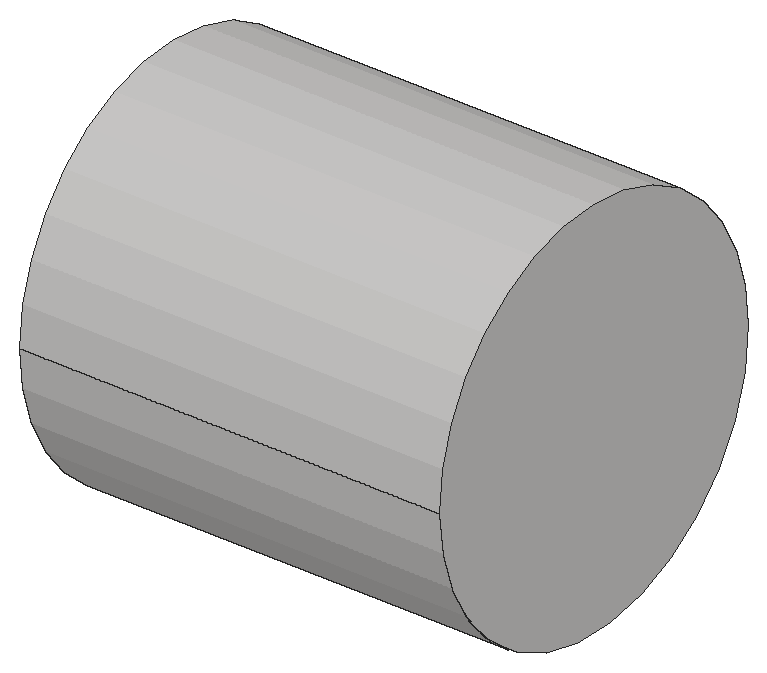
Revit family "Couplings-Shielded-Champion_Couplings-Transition-MI-HUB-TR_Series", category Pipe Fittings, Revit 2014
Parameters (values of type "MI-HUB-TR-150")
  Width B = 1.950"
  Width A = 1.950"
  Waste Connection = no
  Warranty Information = "1 Year Warranty"  # constant formula
  Vent Connection = no
  URL = "http://www.mifab.com"
  Tick Size = Width A * 0.4  # 0.780"
  Standard Listings & Approval = "CSA Approved, U.P.C. Approved"  # constant formula
  Product Page URL = "http://www.mifab.com/Catalog/No_Hub_Couplings/MIHUBTR_Shielded_No_Hub_Transition_Couplings.html"
  Product Documentation Link = "http://www.mifab.com/Catalog/Library/MI-HUB-TR-spec_sheet.pdf"
  Price = "Prices may vary. Please consult Manufacturer Representative for most up-to-date price list."  # constant formula
  Pipe Size Description = "1 1/2\" CI / PL / ST x 1 1/2\" CI / PL / ST- Shielded Transition coupling"
  Pipe Outlet Connection Diameter = 1.500"
  Pipe Inlet Connection Diameter = 1.500"
  Pallet Quantity = "7200"
  Nominal Diameter = 1.500"
  Model = "MI-HUB-TR"
  Material = "Metal-Champion Couplings-Stainless Steel"  # constant formula
  Masking Reg 2 = no
  Masking Reg 1 = yes
  Manufacturer = "Champion Couplings"  # constant formula
  List Price (Each Piece) = 6.75
  Nominal Height = Height  # 2.130"
  Height = 2.130"
  HW Connection = no
  Description = "MIFAB® Series MI-HUB-TR (specify size) shielded transition couplings are manufactured with gaskets made from an elastomeric\r\ncompound that meets the requirements of ASTM C-564 housed inside a Type 300 stainless steel shield. Two Type 300 stainless steel clamps\r\ntightened with 5/16” Type 300 stainless steel hex head screws surround the shield to provide the sealing force. MI-HUB-TR Series of transition\r\ncouplings are tested and certified to ASTM Standard 1460-2012 and CSA Standard B602-2010 and listed with I.A.P.M.O. All models are listed\r\nto the National Plumbing Code of Canada and relevant Canadian Standard(s) and bear the cUPC mark of conformity."  # constant formula
  Creation Date = "\"2/25/2016\""
  Carton Quantity = "100"
  CW Connection = yes
  Assembly Code = "D2090800"
Types (10): name | Width B | Width A | Tick Size | Pipe Size Description | Pipe Outlet Connection Diameter | Pipe Inlet Connection Diameter | Pallet Quantity | Nominal Diameter | List Price (Each Piece) | Nominal Height | Height | Carton Quantity
  (no name) | 1.950" | 1.950" | 0.780" | "1 1/2\" CI / PL / ST x 1 1/2\" CI / PL / ST- Shielded Transition coupling" | 1.500" | 1.500" | "7200" | 1.500" | 6.75 | 2.130" | 2.130" | "100"
  MI-HUB-TR-150 | 1.950" | 1.950" | 0.780" | "1 1/2\" CI / PL / ST x 1 1/2\" CI / PL / ST- Shielded Transition coupling" | 1.500" | 1.500" | "7200" | 1.500" | 6.75 | 2.130" | 2.130" | "100"
  MI-HUB-TR-200 | 2.340" | 2.280" | 0.912" | "2\" CI / PL / ST x 2\" CI / PL / ST- Shielded Transition coupling" | 2.000" | 2.000" | "4800" | 2.000" | 6.75 | 2.130" | 2.130" | "100"
  MI-HUB-TR-215 | 1.930" | 2.400" | 0.960" | "2\" CI / PL / ST x 1 1/2\" CI / PL / ST- Shielded Transition coupling" | 1.500" | 2.000" | "4800" | 1.930" | 9 | 2.130" | 2.130" | "100"
  MI-HUB-TR-330 | 3.520" | 3.370" | 1.348" | "3\" CI / PL / ST x 3\" CI / PL / ST- Shielded Transition coupling" | 3.000" | 3.000" | "2400" | 3.125" | 10.5 | 2.130" | 2.130" | "100"
  MI-HUB-TR-430 | 3.460" | 4.460" | 1.784" | "4” CI / PL / ST x 3” CI / PL / ST – Shielded Transition Coupling 4" | 3.000" | 4.000" | "2400" | 3.460" | 15 | 2.130" | 2.130" | "100"
  MI-HUB-TR-440 | 4.440" | 4.360" | 1.744" | "4\" CI x 4\" CI / PL / ST- Shielded Transition coupling" | 4.000" | 4.000" | "2400" | 4.000" | 11.25 | 2.130" | 2.130" | "100"
  MI-HUB-TR-550 | 5.180" | 5.000" | 2.000" | "5\" CI x 5\" CI / PL / ST- Shielded Transition coupling" | 5.000" | 5.000" | "720" | 4.875" | 24.5 | 3.000" | 3.000" | "30"
  MI-HUB-TR-660 | 6.150" | 6.520" | 2.608" | "6\" CI x 6\" CI / PL / ST- Shielded Transition coupling" | 6.000" | 6.000" | "720" | 5.875" | 32.5 | 3.000" | 3.000" | "30"
  MI-HUB-TR-880 | 8.310" | 8.500" | 3.400" | "8\" CI x 8\" CI / PL / ST- Shielded Transition coupling" | 8.000" | 8.000" | "320" | 7.875" | 44.25 | 3.810" | 3.810" | "20"
Reference planes (in)
  plane 1 "Center (Front/Back)": y = 0
  plane 2: z = 0
  plane 3 "Center (Left/Right)": x = 0
  plane 4: x = -1.065
  plane 5: x = 1.065
  plane 6: x = 1.065
  plane 7: y = 0.975
  plane 8: y = -0.975
  plane 9: y = 0.75
  plane 10: y = -0.75
  plane 11: y = 0.975
  plane 12: y = -0.975
  plane 13: y = -0.75
  plane 14: y = 0.75
Forms (in)
  Extrusion 1, solid, material "Metal-Champion Couplings-Stainless Steel"
    sketch origin (0, 0, 0) x (0, 1, 0) y (0, 0, 1)
      loop
        circle (0, 0) r 0.975
    from -1.065 to 1.065
  Revolve 2, solid, material "Metal-Champion Couplings-Stainless Steel"
    sketch origin (0, 0, 0) x (1, 0, 0) y (0, 1, 0)
      loop
        line (0, 0.975) -> (0, 0) -> (1.065, 0) -> (1.065, 0.75) -> (0.225, 0.75) -> (0, 0.975)
      axis (0, 0) -> (1.065, 0)
    angle from 0 to 360
Cuts and joins
  joined: Extrusion 1, Revolve 2
Lines and regions (in)
  Masking region 1, visible <- "Masking Reg 2", detail levels fine
    outline origin (0, 0, 0) x (1, 0, 0) y (0, 1, 0)
      loop
        line (-1.065, 0.975) -> (-1.065, -0.975) -> (0, -0.975) -> (0.225, -0.75) -> (1.065, -0.75) -> (1.065, 0.75) -> (0.225, 0.75) -> (0, 0.975) -> (-1.065, 0.975)
  Masking region 2, visible <- "Masking Reg 1", detail levels fine
    outline origin (0, 0, 0) x (1, 0, 0) y (0, 1, 0)
      loop
        line (-1.065, 0.975) -> (-1.065, -0.975) -> (1.065, -0.975) -> (1.065, 0.975) -> (-1.065, 0.975)
  model lines, detail levels coarse+medium
    curve 1: line (-1.065, 0.78, 0) -> (-1.065, -0.78, 0)
    curve 2: line (1.065, 0.78, 0) -> (1.065, -0.78, 0)
    curve 3: line (1.065, 0, 0) -> (-1.065, 0, 0)
Dimensions and locks (in)
  "Height": plane 4 to plane 5
  equal spacing: plane 4, plane 3 "Center (Left/Right)", plane 5
  "Tick Size": plane 1 "Center (Front/Back)" to curve 1
  "Tick Size": curve 1 to plane 1 "Center (Front/Back)"
  "Tick Size": plane 1 "Center (Front/Back)" to curve 2
  "Tick Size": curve 2 to plane 1 "Center (Front/Back)"
  "Nominal Height": plane 4 to plane 6
  "Width A": plane 8 to plane 7
  equal spacing: plane 8, plane 1 "Center (Front/Back)", plane 7
  "Nominal Diameter": plane 9 to plane 10
  equal spacing: plane 9, plane 1 "Center (Front/Back)", plane 10
  "Width A": plane 11 to plane 12
  "Nominal Diameter": plane 13 to plane 14
  equal spacing: plane 11, plane 1 "Center (Front/Back)", plane 12
  equal spacing: plane 13, plane 1 "Center (Front/Back)", plane 14
  "Width A": Masking region 2 sketch curve to Masking region 2 sketch curve
  equal spacing: Masking region 2 sketch curve, plane 1 "Center (Front/Back)", Masking region 2 sketch curve
  "Width A": diameter of Extrusion 1 sketch curve
  locked: plane 6 to Revolve 2 sketch curve (angle 45.00°)
  locked: plane 3 "Center (Left/Right)" to Masking region 1 sketch curve (angle 45.00°)
  locked: Masking region 1 sketch curve to plane 3 "Center (Left/Right)" (angle 45.00°)
  aligned and locked: Extrusion 1 to plane 4
  aligned and locked: curve 3 to plane 1 "Center (Front/Back)"
  aligned and locked: curve 1 to plane 4
  aligned and locked: plane 5 to curve 2
  aligned and locked: plane 6 to Extrusion 1
  aligned and locked: plane 3 "Center (Left/Right)" to Revolve 2 sketch curve
  aligned and locked: plane 7 to Revolve 2 sketch curve
  aligned and locked: plane 5 to Revolve 2 sketch curve
  aligned and locked: Revolve 2 sketch curve to plane 1 "Center (Front/Back)"
  aligned and locked: Revolve 2 sketch curve to plane 9
  aligned and locked: Masking region 1 sketch curve to plane 11
  aligned and locked: Masking region 1 sketch curve to plane 12
  aligned and locked: plane 4 to Masking region 1 sketch curve
  aligned and locked: plane 14 to Masking region 1 sketch curve
  aligned and locked: Masking region 1 sketch curve to plane 13
  aligned and locked: plane 5 to Masking region 1 sketch curve
  aligned and locked: plane 4 to Masking region 2 sketch curve
  aligned and locked: plane 5 to Masking region 2 sketch curve
Automatic sketch dimensions
  Extrusion 1 sketch curve to level = 0.000"
  Extrusion 1 sketch curve to plane 1 "Center (Front/Back)" = 0.000"
  plane 1 "Center (Front/Back)" to Revolve 2 sketch curve = 0.000"
  Revolve 2 sketch curve to plane 4 = 0.250"
  Revolve 2 sketch curve to Revolve 2 sketch curve = 0.750"
  Masking region 1 sketch curve to plane 3 "Center (Left/Right)" = 0.000"  (x2)
Connectors (in)
  piping at (-1.065, 0, 0), diameter 1.5, driven by "Pipe Inlet Connection Diameter"
    settings: on Extrusion 1, index 1, connector inside diameter 24", connector length 0.000", flow factor 0, pipe flow 0 GPM, pressure drop 0.00 psi, fitting loss kfactor 0, connector angle 0.00°, fixture units 0, engagement length 0.000", angle of deflection 0.00°, flow configuration 0, flow direction 0, fitting loss method 0, system type 28, joint type 0, gender type 0, connector reference index -1, connector utility 0, adjustable connector no, is connector primary yes, connector description ""
  piping at (1.065, 0, 0), diameter 1.5, driven by "Pipe Outlet Connection Diameter"
    settings: on Revolve 2, index 2, connector inside diameter 24", connector length 0.000", flow factor 0, pipe flow 0 GPM, pressure drop 0.00 psi, fitting loss kfactor 0, connector angle 0.00°, fixture units 0, engagement length 0.000", angle of deflection 0.00°, flow configuration 0, flow direction 0, fitting loss method 0, system type 28, joint type 0, gender type 0, connector reference index -1, connector utility 0, adjustable connector no, is connector primary no, connector description ""
